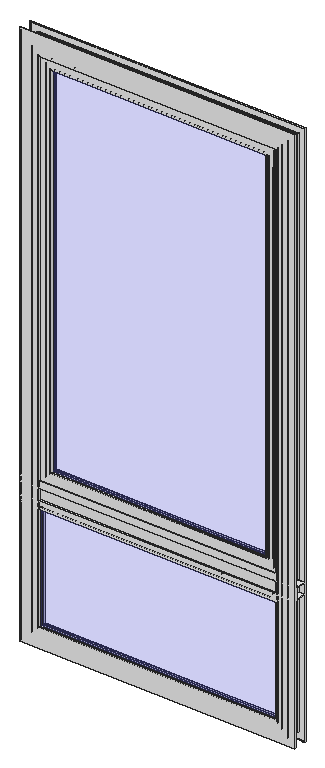
Revit family "WAL_A3-Classic-Side-Hung-600x1200-PS61R", category Windows, host Wall, Revit 2016
Family settings
  Host = Wall
  Always vertical = Yes
  Cut with Voids When Loaded = No
  Shared = No
  Room Calculation Point = No
Parameters (values of type "600 x 1200 PS61R Classic Side Hung")
  URL = "www.agi.co.za"
  Trim Material = Metal - Aluminium
  Model = "Top Hung"
  Manufacturer Code = "PS61R"
  Manufacturer = "AGI Aluminium"
  Height = 1200 mm
  Glass Material = Glass
  Frame Material = Metal - Aluminium
  Description = "Classic Side Hung"
  Default Sill Height = 800 mm
  Wall Closure = By host
  Width = 600 mm
  Assembly Code = "B2020110"
Reference planes
  plane 1 "Center": y = 0
  plane 2 "Center (Left/Right)": x = 0
  plane 3 "Left": x = -300
  plane 4 "Right": x = 300
  plane 5 "Sill": z = 800
  plane 6 "Head": z = 2000
  plane 7 "Exterior": y = 75
  plane 8 "Interior": y = -75
  plane 9: z = 2002
  plane 10: x = 302
  plane 11: x = -302
  plane 12: z = 798
  plane 13: z = 1964
  plane 14: z = 813.9
  plane 15: x = 264
  plane 16: x = -264
  plane 17: z = 1100
  plane 18: z = 1122
  plane 19: z = 1084
  plane 20: x = 286.1
  plane 21: x = -286.1
Forms (mm)
  Sweep 1, solid, material "Metal - Aluminium", detail levels medium+fine
    path origin (0, 0, 0) x (1, 0, 0) y (0, 0, 1)
      loop
        line (300, 2000) -> (-300, 2000) -> (-300, 800) -> (300, 800) -> (300, 2000)
    profile "Frame : Frame" origin (0, 0, 2000) x (0, 0, -1) y (0, -1, 0)
      loop
        line (0, -30) -> (28, -30) -> (28, -29) -> (26, -29) -> (26, -1) -> (28, -1) -> (28, -7) -> (29, -7) -> (29, -1) -> (37, -1) -> (37, -3.645) -> (38, -3.645) -> (38, -1) -> (40, -1) -> (40, -3.645) -> (41, -3.645) -> (41, 0) -> (0, 0) -> (0, -2) -> (1, -2) -> (1, -1) -> (15.005, -1) -> (15.005, -4) -> (16.005, -4) -> (16.005, -1) -> (25, -1) -> (25, -29) -> (16.005, -29) -> (16.005, -26) -> (15.005, -26) -> (15.005, -29) -> (1, -29) -> (1, -28) -> (0, -28) -> (0, -30)
  Sweep 2, solid, material "Metal - Aluminium", detail levels medium+fine
    path origin (0, 0, 0) x (1, 0, 0) y (0, 0, 1)
      loop
        line (300, 1100) -> (-300, 1100)
    profile "30 x 50 Center Divide : 30 x 50 Center Divide" origin (0, 0, 1100) x (0, 0, -1) y (0, -1, 0)
      loop
        line (-11, -5) -> (-11, -29) -> (11, -29) -> (11, -5) -> (-11, -5)
      loop
        line (-27.011, 0) -> (-27.011, -3.245) -> (-26.011, -3.245) -> (-26.011, -1) -> (-24.011, -1) -> (-24.011, -3.245) -> (-23.011, -3.245) -> (-23.011, -1) -> (-15.011, -1) -> (-15.011, -6.6) -> (-14.011, -6.6) -> (-14.011, -1) -> (-13.142, -1) -> (-12, -5.263) -> (-12, -29) -> (-14, -29) -> (-14, -30) -> (14, -30) -> (14, -29) -> (12, -29) -> (12, -5.263) -> (13.142, -1) -> (14, -1) -> (14, -7) -> (15, -7) -> (15, -1) -> (23, -1) -> (23, -3.645) -> (24, -3.645) -> (24, -1) -> (26, -1) -> (26, -3.645) -> (27, -3.645) -> (27, 0) -> (12.375, 0) -> (11.303, -4) -> (-11.303, -4) -> (-12.375, 0) -> (-27.011, 0)
  Sweep 3, solid, material "Metal - Aluminium", detail levels medium+fine
    path origin (0, 0, 0) x (1, 0, 0) y (0, 0, 1)
      loop
        line (300, 2002) -> (-300, 2002) -> (-300, 1084) -> (300, 1084) -> (300, 2002)
    profile "Casement : Casement" origin (0, 0, 2002) x (0, 0, -1) y (0, -1, 0)
      loop
        line (40, -4.645) -> (40, -32.645) -> (49, -32.645) -> (49, -4.645) -> (40, -4.645)
      loop
        line (65, -3.645) -> (37, -3.645) -> (37, -4.645) -> (39, -4.645) -> (39, -32.645) -> (37, -32.645) -> (37, -26.645) -> (36, -26.645) -> (36, -32.645) -> (28, -32.645) -> (28, -30) -> (27, -30) -> (27, -32.645) -> (25, -32.645) -> (25, -30) -> (24, -30) -> (24, -33.645) -> (50, -33.645) -> (50, -4.645) -> (52, -4.645) -> (52, -10.645) -> (53, -10.645) -> (53, -4.645) -> (61, -4.645) -> (61, -7.289) -> (62, -7.289) -> (62, -4.645) -> (64, -4.645) -> (64, -7.289) -> (65, -7.289) -> (65, -3.645)
  Sweep 4, solid, material "Metal - Aluminium", detail levels medium+fine
    path origin (0, 0, 0) x (1, 0, 0) y (0, 0, 1)
      loop
        line (286.1, 1100) -> (-286.1, 1100) -> (-286.1, 813.9) -> (286.1, 813.9) -> (286.1, 1100)
    profile "Trim : Trim" origin (0, 0, 1100) x (0, 0, -1) y (0, -1, 0)
      loop
        line (24.555, -1.643) -> (24.555, -4.05)
        arc (24.555, -4.05) -> (23.436, -4.753) -> (23, -6) r 2
        line (23, -6) -> (27, -6)
        arc (27, -6) -> (26.552, -4.739) -> (25.41, -4.042) r 2
        line (25.41, -4.042) -> (25.41, -1.643) -> (24.555, -1.643)
      loop
        line (14, -29) -> (29, -14) -> (29, -12.474) -> (26.323, -12.474)
        arc (26.323, -12.474) -> (26.823, -11.797) -> (27, -10.974) r 2
        line (27, -10.974) -> (23, -10.974)
        arc (23, -10.974) -> (23.177, -11.797) -> (23.677, -12.474) r 2
        line (23.677, -12.474) -> (13.467, -12.474) -> (13.467, -4) -> (12.5, -4) -> (12.5, -13.474) -> (20.535, -13.474) -> (24.323, -17.263) -> (12.586, -29) -> (14, -29)
  Sweep 5, solid, material "Metal - Aluminium", detail levels medium+fine
    path origin (0, 0, 0) x (1, 0, 0) y (0, 0, 1)
      loop
        line (264, 1964) -> (-264, 1964) -> (-264, 1122) -> (264, 1122) -> (264, 1964)
    profile "Trim : Trim" origin (0, 0, 1964) x (0, 0, -1) y (0, -1, 0)
      loop
        line (24.555, -4.643) -> (24.555, -7.05)
        arc (24.555, -7.05) -> (23.436, -7.753) -> (23, -9) r 2
        line (23, -9) -> (27, -9)
        arc (27, -9) -> (26.552, -7.739) -> (25.41, -7.042) r 2
        line (25.41, -7.042) -> (25.41, -4.643) -> (24.555, -4.643)
      loop
        line (14, -32) -> (29, -17) -> (29, -15.474) -> (26.323, -15.474)
        arc (26.323, -15.474) -> (26.823, -14.797) -> (27, -13.974) r 2
        line (27, -13.974) -> (23, -13.974)
        arc (23, -13.974) -> (23.177, -14.797) -> (23.677, -15.474) r 2
        line (23.677, -15.474) -> (13.467, -15.474) -> (13.467, -7) -> (12.5, -7) -> (12.5, -16.474) -> (20.535, -16.474) -> (24.323, -20.263) -> (12.586, -32) -> (14, -32)
  Extrusion 6, solid, material "Glass", detail levels medium+fine
    sketch origin (0, 0, 0) x (1, 0, 0) y (0, 1, 0)
      loop
        line (-263.118, 10.974) -> (-263.118, 6) -> (263.1, 6) -> (263.1, 10.974) -> (-263.118, 10.974)
    from 836.9 to 1077
  Extrusion 7, solid, material "Glass", detail levels medium+fine
    sketch origin (0, 0, 0) x (1, 0, 0) y (0, 1, 0)
      loop
        line (-241.018, 13.974) -> (-241.018, 9) -> (241, 9) -> (241, 13.974) -> (-241.018, 13.974)
    from 1145 to 1941
Cuts and joins
  joined: Sweep 1, Sweep 2
Lines and regions (mm)
  Opening 1
    outline origin (3500, -75, 0) x (1, 0, 0) y (0, 0, 1)
      loop
        line (-3200, 800) -> (-3200, 2000) -> (-3800, 2000) -> (-3800, 800) -> (-3200, 800)
  symbolic lines, style "Elevation Swing"
    curve 1: line (-278, 0, 1978) -> (276, 0, 1550)
    curve 2: line (276, 0, 1550) -> (-276, 0, 1108)
Text (mm)
  text "EXTERIOR" at (-1963.203, 1332.353, 0), in view "Ref. Level"
  text "INTERIOR" at (-1981.466, -818.386, 0), in view "Ref. Level"
  text "Exterior" at (0, 923.751, 2943.296), in view "Right"
  text "Exterior" at (0, 1040.484, 2685.409), in view "Left"
Dimensions and locks
  equal spacing: plane 3 "Left", plane 2 "Center (Left/Right)", plane 4 "Right"
  "Width": plane 3 "Left" to plane 4 "Right"
  "Height": plane 5 "Sill" to plane 6 "Head"
  "Default Sill Height": plane 5 "Sill" to level
  locked: plane 7 "Exterior" to host wall at 0
  locked: plane 8 "Interior" to host wall
  locked: plane 12 to plane 5 "Sill" at 2
  locked: plane 6 "Head" to plane 9 at 2
  locked: plane 4 "Right" to plane 10 at 2
  locked: plane 11 to plane 3 "Left" at 2
  locked: plane 15 to plane 4 "Right" at 36
  locked: plane 3 "Left" to plane 16 at 36
  locked: plane 5 "Sill" to plane 14 at 13.9
  locked: plane 13 to plane 6 "Head" at 36
  locked: plane 5 "Sill" to plane 17 at 300
  locked: plane 19 to plane 17 at 16
  locked: plane 17 to plane 18 at 22
  locked: plane 20 to plane 4 "Right" at 13.9
  locked: plane 21 to plane 3 "Left" at 13.9
  equal spacing: plane 17, curve 2, plane 6 "Head"
  aligned and locked: host wall to Sweep 1 sketch curve
  aligned and locked: Sweep 1 sketch curve to host wall  (x3)
  aligned and locked: plane 3 "Left" to Sweep 2 sketch curve
  aligned and locked: plane 4 "Right" to Sweep 2 sketch curve
  aligned and locked: Sweep 2 sketch curve to plane 17
  aligned and locked: plane 19 to Sweep 3 sketch curve
  aligned and locked: Sweep 3 sketch curve to Sweep 1  (x2)
  aligned and locked: Sweep 3 sketch curve to plane 9
  aligned and locked: plane 14 to Sweep 4 sketch curve
  aligned and locked: plane 20 to Sweep 4 sketch curve
  aligned and locked: plane 21 to Sweep 4 sketch curve
  aligned and locked: Sweep 4 sketch curve to plane 17
  aligned and locked: plane 18 to Sweep 5 sketch curve
  aligned and locked: plane 15 to Sweep 5 sketch curve
  aligned and locked: Sweep 5 sketch curve to plane 13
  aligned and locked: Sweep 5 sketch curve to plane 16
  aligned and locked: Sweep 4 to Extrusion 6 sketch curve  (x2)
  aligned and locked: Extrusion 6 sketch curve to Sweep 4  (x2)
  aligned and locked: Extrusion 6 to Sweep 4  (x2)
  aligned and locked: Sweep 5 to Extrusion 7 sketch curve  (x2)
  aligned and locked: Extrusion 7 sketch curve to Sweep 5  (x2)
  aligned and locked: Extrusion 7 to Sweep 5  (x2)
Automatic sketch dimensions
  Opening 1 sketch curve to plane 3 "Left" = 0 mm
  Opening 1 sketch curve to plane 4 "Right" = 0 mm
  Opening 1 sketch curve to plane 5 "Sill" = 0 mm
  Opening 1 sketch curve to plane 6 "Head" = 0 mm
  plane 21 to curve 1 = 8.1 mm
  plane 21 to curve 2 = 10.1 mm
  plane 20 to curve 1 = 10.1 mm
  plane 17 to curve 2 = 8 mm
  plane 13 to curve 1 = 14 mm
